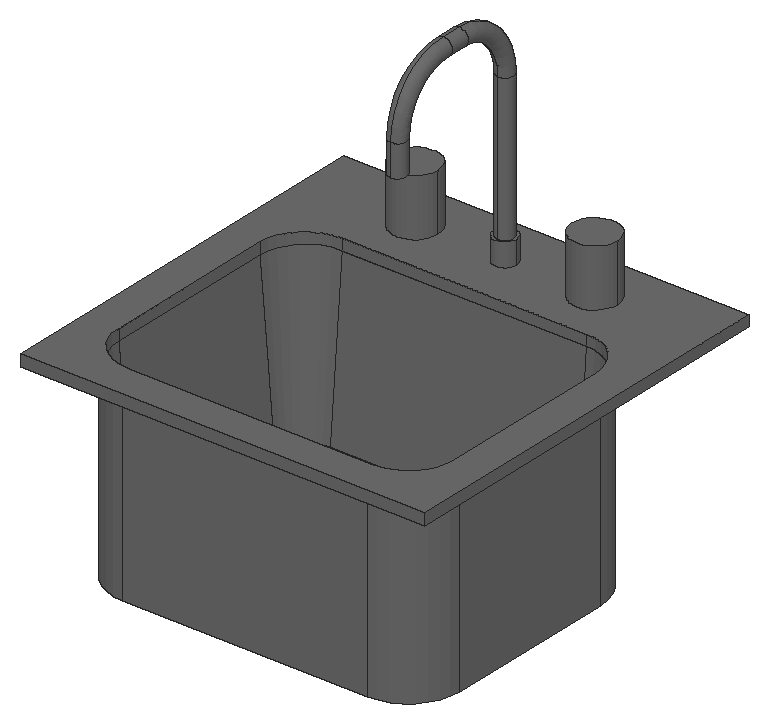
Revit family "M_Pia da cozinha-Ilha", category Peças hidrossanitárias, Revit 2019
Family settings
  Cota do conector redondo = Utilizar diâmetro
  Tipo de parte = Normal
  Número OmniClass = 23.45.05.14.14
  Título OmniClass = Sinks/Lavatories
  ID de item do Seek = Sink Kitchen-Island-0000-CAN-ENU
  Com base no plano de trabalho = Não
  Sempre na vertical = Sim
  Corte com vazios quando carregada = Não
  Compartilhado = Sim
  Ponto de cálculo do ambiente = Não
Parameters (values of type "450 x 450mm")
  Altura do balcão [instance] = 900.00 mm
  Linear = 450.00 mm
  Material hidráulico = Aço, Polido
  Material da pia = Aço, Polido
  Largura = 450.00 mm
Reference planes
  plane 1 "Centro (Frente/Trás)": y = 2.345
  plane 2: z = 0
  plane 3 "Centro (Esquerda/Direita)": x = 15.689
  plane 4: y = 227.345
  plane 5: y = -222.655
  plane 6: x = -209.311
  plane 7: x = 240.689
  plane 8 "Topo do balcão": z = 900
  plane 9: z = 912.7
  plane 10: z = 684.1
  plane 11: y = 113.045
  plane 12: x = -171.211
  plane 13: y = -184.555
  plane 14: x = 202.589
  plane 15: x = -84.311
  plane 16: x = 115.689
  plane 17: y = 170.195
  plane 18: y = 170.195
  plane 19: y = 170.195
  plane 20: z = 1163.525
  plane 21: y = 20.97
  plane 22: z = 976.2
  plane 23: z = 938.1
Forms (mm)
  Extrusion 1, solid, material "Aço, Polido" <- "Material da pia"
    sketch origin (0, 0, 0) x (1, 0, 0) y (0, 1, 0)
      loop
        line (-209.311, 227.345) -> (-209.311, -222.655) -> (240.689, -222.655) -> (240.689, 227.345) -> (-209.311, 227.345)
      loop
        arc (-120.411, 113.045) -> (-156.332, 98.166) -> (-171.211, 62.245) r 50.8
        line (-171.211, 62.245) -> (-171.211, -133.755)
        arc (-171.211, -133.755) -> (-156.332, -169.676) -> (-120.411, -184.555) r 50.8
        line (-120.411, -184.555) -> (151.789, -184.555)
        arc (151.789, -184.555) -> (187.71, -169.676) -> (202.589, -133.755) r 50.8
        line (202.589, -133.755) -> (202.589, 62.245)
        arc (202.589, 62.245) -> (187.71, 98.166) -> (151.789, 113.045) r 50.8
        line (151.789, 113.045) -> (-120.411, 113.045)
    from 900 to 912.7
  Sweep 2, solid, material "Aço, Polido" <- "Material da pia"
    path origin (0, 0, 0) x (1, 0, 0) y (0, 1, 0)
      loop
        arc (-120.411, 113.045) -> (-156.332, 98.166) -> (-171.211, 62.245) r 50.8
        line (-171.211, 62.245) -> (-171.211, -133.755)
        arc (-171.211, -133.755) -> (-156.332, -169.676) -> (-120.411, -184.555) r 50.8
        line (-120.411, -184.555) -> (151.789, -184.555)
        arc (151.789, -184.555) -> (187.71, -169.676) -> (202.589, -133.755) r 50.8
        line (202.589, -133.755) -> (202.589, 62.245)
        arc (202.589, 62.245) -> (187.71, 98.166) -> (151.789, 113.045) r 50.8
        line (151.789, 113.045) -> (-120.411, 113.045)
    profile origin (15.689, 0, 0) x (0, 1, 0) y (0, 0, 1)
      loop
        line (113.045, 900) -> (96.511, 711.015)
        arc (96.511, 711.015) -> (90.404, 698.63) -> (77.534, 693.625) r 19.05
        line (77.534, 693.625) -> (74.945, 693.625) -> (74.945, 684.1) -> (119.395, 684.1) -> (119.395, 900) -> (113.045, 900)
  Extrusion 3, solid, material "Aço, Polido" <- "Material da pia"
    sketch origin (0, 0, 0) x (1, 0, 0) y (0, 1, 0)
      loop
        arc (-120.411, 74.945) -> (-129.391, 71.226) -> (-133.111, 62.245) r 12.7
        line (-133.111, 62.245) -> (-133.111, -133.755)
        arc (-133.111, -133.755) -> (-129.391, -142.735) -> (-120.411, -146.455) r 12.7
        line (-120.411, -146.455) -> (151.789, -146.455)
        arc (151.789, -146.455) -> (160.769, -142.735) -> (164.489, -133.755) r 12.7
        line (164.489, -133.755) -> (164.489, 62.245)
        arc (164.489, 62.245) -> (160.769, 71.226) -> (151.789, 74.945) r 12.7
        line (151.789, 74.945) -> (-120.411, 74.945)
      loop
        circle (15.689, 0) r 25.4
    from 684.1 to 693.625
  Extrusion 4, solid, material "Aço, Polido" <- "Material hidráulico"
    sketch origin (0, 0, 0) x (1, 0, 0) y (0, 1, 0)
      loop
        circle (-84.311, 170.195) r 25.4
      loop
        circle (115.689, 170.195) r 25.4
    from 912.7 to 976.2
  Sweep 5, solid, material "Aço, Polido" <- "Material hidráulico"
    path origin (15.689, 0, 0) x (0, 1, 0) y (0, 0, 1)
      loop
        line (170.195, 912.7) -> (170.195, 1100.025)
        arc (170.195, 1100.025) -> (151.597, 1144.926) -> (106.695, 1163.525) r 63.5
        line (106.695, 1163.525) -> (84.47, 1163.525)
        arc (84.47, 1163.525) -> (39.569, 1144.926) -> (20.97, 1100.025) r 63.5
        line (20.97, 1100.025) -> (20.97, 1065.1)
    profile origin (15.689, 0, 1006.363) x (0, -1, 0) y (1, 0, 0)
      loop
        circle (-170.195, 0) r 9.525
  Extrusion 6, solid, material "Aço, Polido" <- "Material hidráulico"
    sketch origin (0, 0, 0) x (1, 0, 0) y (0, 1, 0)
      loop
        circle (15.689, 170.195) r 12.7
    from 912.7 to 938.1
Cuts and joins
  joined: Sweep 5, Extrusion 6
  joined: Sweep 2, Extrusion 3
Lines and regions (mm)
  Masking region 1
    outline origin (0, 0, 900) x (0, -1, 0) y (1, 0, 0)
      loop
        line (-227.345, -209.311) -> (222.655, -209.311) -> (222.655, 240.689) -> (-227.345, 240.689) -> (-227.345, -209.311)
  symbolic lines
    curve 1: arc (41.089, 0, 900) -> (15.689, 25.4, 900) -> (-9.711, 0, 900) r 25.4
    curve 2: arc (-9.711, 0, 900) -> (15.689, -25.4, 900) -> (41.089, 0, 900) r 25.4
    curve 3: line (-171.211, 62.245, 900) -> (-171.211, -133.755, 900)
    curve 4: line (-120.411, -184.555, 900) -> (151.789, -184.555, 900)
    curve 5: line (202.589, -133.755, 900) -> (202.589, 62.245, 900)
    curve 6: line (151.789, 113.045, 900) -> (28.389, 113.045, 900)
    curve 7: arc (202.589, 62.245, 900) -> (187.71, 98.166, 900) -> (151.789, 113.045, 900) r 50.8
    curve 8: arc (151.789, -184.555, 900) -> (187.71, -169.676, 900) -> (202.589, -133.755, 900) r 50.8
    curve 9: arc (-171.211, -133.755, 900) -> (-156.332, -169.676, 900) -> (-120.411, -184.555, 900) r 50.8
    curve 10: arc (-120.411, 113.045, 900) -> (-156.332, 98.166, 900) -> (-171.211, 62.245, 900) r 50.8
    curve 11: arc (142.689, 172.313, 900) -> (117.289, 197.713, 900) -> (91.889, 172.313, 900) r 25.4
    curve 12: arc (91.889, 172.313, 900) -> (117.289, 146.913, 900) -> (142.689, 172.313, 900) r 25.4
    curve 13: arc (28.389, 170.195, 900) -> (15.689, 182.895, 900) -> (2.989, 170.195, 900) r 12.7
    curve 14: line (2.989, 170.195, 900) -> (2.989, 53.145, 900)
    curve 15: line (28.389, 170.195, 900) -> (28.389, 53.145, 900)
    curve 16: arc (28.389, 53.145, 900) -> (15.689, 40.445, 900) -> (2.989, 53.145, 900) r 12.7
    curve 17: line (2.989, 113.045, 900) -> (-120.411, 113.045, 900)
    curve 18: arc (-58.911, 170.195, 900) -> (-84.311, 195.595, 900) -> (-109.711, 170.195, 900) r 25.4
    curve 19: arc (-109.711, 170.195, 900) -> (-84.311, 144.795, 900) -> (-58.911, 170.195, 900) r 25.4
Dimensions and locks
  equal spacing: plane 6, plane 3 "Centro (Esquerda/Direita)", plane 7
  "Largura": plane 6 to plane 7
  equal spacing: plane 5, plane 1 "Centro (Frente/Trás)", plane 4
  "Linear": plane 5 to plane 4
  "Altura do balcão": plane 8 "Topo do balcão" to plane 2
  locked: plane 9 to plane 8 "Topo do balcão" at 12.7
  locked: plane 8 "Topo do balcão" to plane 10 at 215.9
  locked: plane 6 to plane 12 at 38.1
  locked: plane 14 to plane 7 at 38.1
  locked: plane 11 to plane 4 at 114.3
  locked: plane 5 to plane 13 at 38.1
  equal spacing: plane 11, plane 17, plane 4
  equal spacing: plane 11, plane 18, plane 4
  equal spacing: plane 4, plane 19, plane 11
  locked: plane 19 to plane 21 at 149.225
  locked: plane 20 to plane 9 at 250.825
  locked: plane 22 to plane 9 at 63.5
  locked: plane 23 to plane 9 at 25.4
  plane 15 to plane 3 "Centro (Esquerda/Direita)" to plane 16 = 100.00 mm locked, 100.00 mm locked
  aligned and locked: Extrusion 1 sketch curve to plane 5
  aligned and locked: plane 7 to Extrusion 1 sketch curve
  aligned and locked: plane 4 to Extrusion 1 sketch curve
  aligned and locked: Extrusion 1 sketch curve to plane 6
  aligned and locked: plane 8 "Topo do balcão" to Extrusion 1
  aligned and locked: Extrusion 1 to plane 9
  aligned and locked: plane 11 to Extrusion 1 sketch curve
  aligned and locked: plane 14 to Extrusion 1 sketch curve
  aligned and locked: Extrusion 1 sketch curve to plane 12
  aligned and locked: Extrusion 1 sketch curve to plane 13
  aligned and locked: plane 11 to Sweep 2 sketch curve
  aligned and locked: plane 14 to Sweep 2 sketch curve
  aligned and locked: Sweep 2 sketch curve to plane 12
  aligned and locked: Sweep 2 sketch curve to plane 13
  aligned and locked: Sweep 2 to Extrusion 3 sketch curve  (x4)
  aligned and locked: Sweep 2 to Extrusion 3
  aligned and locked: plane 10 to Extrusion 3
  aligned and locked: Sweep 2 sketch curve to plane 10
  aligned and locked: plane 8 "Topo do balcão" to Sweep 2 sketch curve
  aligned and locked: Extrusion 4 to Extrusion 1
  aligned and locked: Extrusion 6 to Extrusion 1
  aligned and locked: Sweep 5 sketch curve to plane 19
  aligned and locked: plane 20 to Sweep 5 sketch curve
  aligned and locked: plane 21 to Sweep 5 sketch curve
  aligned and locked: Extrusion 4 to plane 22
  aligned and locked: Extrusion 6 to plane 23
  aligned and locked: plane 7 to Masking region 1 sketch curve
  aligned and locked: Masking region 1 sketch curve to plane 5
  aligned and locked: Masking region 1 sketch curve to plane 6
  aligned and locked: plane 4 to Masking region 1 sketch curve
  aligned and locked: curve 18 to Extrusion 4
  aligned and locked: plane 16 to Extrusion 4 sketch curve
  aligned and locked: plane 17 to Extrusion 4 sketch curve  (x2)
  aligned and locked: plane 15 to Extrusion 4 sketch curve
Automatic sketch dimensions
  Sweep 2 sketch curve to plane 12 = 50.80 mm
  Sweep 2 sketch curve to Sweep 2 sketch curve = 50.80 mm
  plane 11 to Sweep 2 sketch curve = 50.80 mm
  plane 14 to Sweep 2 sketch curve = 50.80 mm
  Extrusion 1 sketch curve to plane 12 = 50.80 mm  (x2)
  plane 14 to Extrusion 1 sketch curve = 50.80 mm  (x2)
  Extrusion 3 sketch curve to plane 3 "Centro (Esquerda/Direita)" = 0.00 mm
  Extrusion 3 sketch curve to Extrusion 3 sketch curve = 12.70 mm  (x4)
  plane 1 "Centro (Frente/Trás)" to Extrusion 3 sketch curve = 2.345 mm
  Extrusion 3 sketch curve to plane 3 "Centro (Esquerda/Direita)" = 25.40 mm
  Sweep 2 sketch curve to profile plane = 0.00 mm
  profile plane to Sweep 2 sketch curve = 16.534 mm
  Sweep 2 sketch curve to Sweep 2 sketch curve = 18.978 mm
  Sweep 2 sketch curve to Sweep 2 sketch curve = 2.588 mm
  Sweep 2 sketch curve to profile plane = 6.35 mm
  Sweep 2 sketch curve to Sweep 2 sketch curve = 9.525 mm
  Sweep 2 sketch curve to Sweep 2 sketch curve = 17.39 mm
  plane 15 to Extrusion 4 sketch curve = 25.40 mm
  plane 16 to Extrusion 4 sketch curve = 25.40 mm
  Sweep 5 sketch curve to plane 3 "Centro (Esquerda/Direita)" = 0.00 mm
  Sweep 5 sketch curve to profile plane = 0.00 mm
  profile plane to Sweep 5 sketch curve = 9.525 mm
  Extrusion 6 sketch curve to plane 18 = 0.00 mm
  Extrusion 6 sketch curve to plane 3 "Centro (Esquerda/Direita)" = 0.00 mm
  Extrusion 6 sketch curve to plane 3 "Centro (Esquerda/Direita)" = 12.70 mm
  Sweep 5 sketch curve to plane 9 = 0.00 mm
  Sweep 5 sketch curve to Sweep 5 sketch curve = 63.50 mm
  plane 11 to Sweep 5 sketch curve = 6.35 mm
  Sweep 5 sketch curve to Sweep 5 sketch curve = 34.925 mm
  curve 17 to plane 11 = 0.00 mm
  curve 6 to plane 11 = 0.00 mm
  curve 5 to plane 14 = 0.00 mm
  curve 3 to plane 12 = 0.00 mm
  curve 16 to plane 3 "Centro (Esquerda/Direita)" = 0.00 mm
  curve 2 to plane 3 "Centro (Esquerda/Direita)" = 0.00 mm
  curve 4 to plane 13 = 0.00 mm
  plane 4 to curve 13 = 57.15 mm
  plane 4 to curve 11 = 55.032 mm
  plane 11 to curve 7 = 50.80 mm
  plane 11 to curve 10 = 50.80 mm
  curve 15 to plane 1 "Centro (Frente/Trás)" = 50.80 mm
  curve 16 to plane 3 "Centro (Esquerda/Direita)" = 12.70 mm
  plane 1 "Centro (Frente/Trás)" to curve 1 = 2.345 mm
  curve 3 to plane 13 = 50.80 mm
  curve 8 to plane 13 = 50.80 mm
  curve 2 to plane 3 "Centro (Esquerda/Direita)" = 25.40 mm
  curve 13 to curve 12 = 63.50 mm
  curve 11 to curve 12 = 25.40 mm
